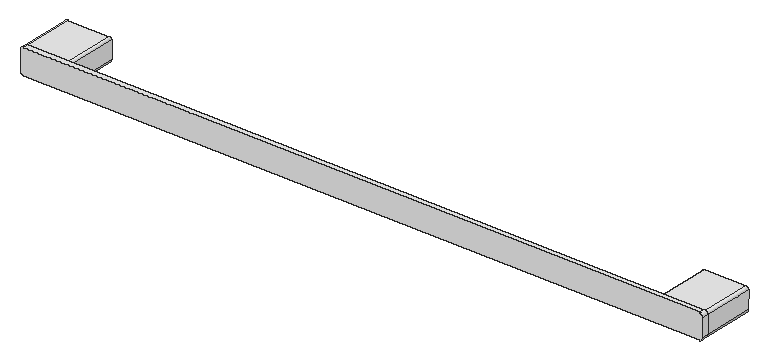
Revit family "rba-bim-rba1643-104", category Plumbing Fixtures, Revit 2016
Family settings
  Part Type = Normal
  Round Connector Dimension = Use Diameter
  Work Plane-Based = No
  Always vertical = Yes
  Cut with Voids When Loaded = No
  Shared = Yes
  Room Calculation Point = No
Parameters (values of type "RBA1643-104")
  Watermarked By = "www.rba.com.au"
  Waste Connection = yes
  Vent Connection = yes
  URL = ""
  Phone Number = "1300 788 778"
  Modified Issue = "20190225.01"
  Model = "RBA1643-104"
  Materials and Finishes = Chrome Plated Brass
  Manufacturer Model = ""
  Manufacturer = "RBA Group"  # constant formula
  HW Connection = yes
  Description = "äska Towel Rail #1"
  Copyright by = "RBA Group"  # constant formula
  CW Connection = yes
Reference planes
  plane 1 "Center (Front/Back)": y = 0
  plane 2: z = 0
  plane 3 "Center (Left/Right)": x = 0
Forms (mm)
  Extrusion 1, solid, material "Chrome Plated Brass" <- "Materials and Finishes"
    sketch origin (0, 0, 0) x (1, 0, 0) y (0, 0, 1)
      loop
        line (297, 22) -> (-297, 22)
        arc (-297, 22) -> (-299.121, 21.121) -> (-300, 19) r 3
        line (-300, 19) -> (-300, 3)
        arc (-300, 3) -> (-299.121, 0.879) -> (-297, 0) r 3
        line (-297, 0) -> (297, 0)
        arc (297, 0) -> (299.121, 0.879) -> (300, 3) r 3
        line (300, 3) -> (300, 19)
        arc (300, 19) -> (299.121, 21.121) -> (297, 22) r 3
    from 45 to 50
  Extrusion 2, solid, material "Chrome Plated Brass" <- "Materials and Finishes"
    sketch origin (0, 0, 0) x (1, 0, 0) y (0, 0, 1)
      loop
        line (-262, 21) -> (-298, 21)
        arc (-298, 21) -> (-299.414, 20.414) -> (-300, 19) r 2
        line (-300, 19) -> (-300, 3)
        arc (-300, 3) -> (-299.414, 1.586) -> (-298, 1) r 2
        line (-298, 1) -> (-262, 1)
        arc (-262, 1) -> (-260.586, 1.586) -> (-260, 3) r 2
        line (-260, 3) -> (-260, 19)
        arc (-260, 19) -> (-260.586, 20.414) -> (-262, 21) r 2
      loop
        arc (262, 21) -> (260.586, 20.414) -> (260, 19) r 2
        line (260, 19) -> (260, 3)
        arc (260, 3) -> (260.586, 1.586) -> (262, 1) r 2
        line (262, 1) -> (298, 1)
        arc (298, 1) -> (299.414, 1.586) -> (300, 3) r 2
        line (300, 3) -> (300, 19)
        arc (300, 19) -> (299.414, 20.414) -> (298, 21) r 2
        line (298, 21) -> (262, 21)
    from 0 to 45
Dimensions and locks
  aligned and locked: plane 2 to level
